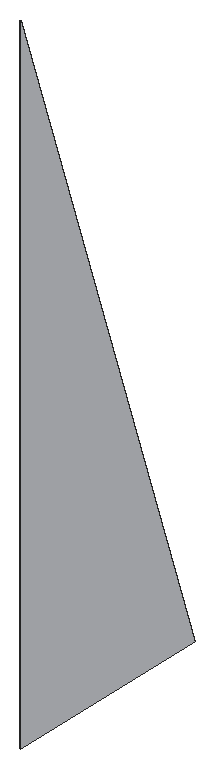
Revit family "sm_triangle", category Generic Models, host Face, Revit 2024
Family settings
  Host = Face
  Can host rebar = No
  Round Connector Dimension = Use Diameter
  Part Type = Normal
  Cut with Voids When Loaded = No
  Maintain Annotation Orientation = No
  Shared = No
  Room Calculation Point = No
Parameters
  width [instance] = 1' - 0"
  thickness [instance] = 0' - 0 1/16"
  material = none
  length [instance] = 3' - 0"
  Default Elevation = 4' - 0"
Reference planes (in)
  plane 1 "Center (Front/Back)": y = 0
  plane 2: z = 0
  plane 3 "Center (Left/Right)": x = 0
  plane 4: y = 6
  plane 5: z = 36
  plane 6: y = -6
  plane 7: x = -0.03125
  plane 8: x = 0.03125
Forms (in)
  Extrusion 1, solid
    sketch origin (-0.03125, 4.47618, 48) x (0, 1, 0) y (0, 0, 1)
      loop
        line (1.52382, -48) -> (-10.47618, -12) -> (-10.47618, -48) -> (1.52382, -48)
    from 0 to 0.0625 <- "thickness"
Dimensions and locks (in)
  equal spacing: plane 4, plane 1 "Center (Front/Back)", plane 6  (x2)
  "length": plane 5 to host face
  "thickness": plane 7 to plane 8
  equal spacing: plane 7, plane 3 "Center (Left/Right)", plane 8
  plane 6 to plane 4 = 1' - 0"
  "width": plane 4 to plane 6
  aligned and locked: plane 2 to host face
  aligned and locked: level to host face
  aligned and locked: Extrusion 1 sketch curve to plane 6
  aligned and locked: host face to Extrusion 1 sketch curve
  aligned and locked: plane 5 to Extrusion 1 sketch curve
Automatic sketch dimensions
  host sketch curve to host sketch curve = 8' - 0"  (x2)
  Extrusion 1 sketch curve to plane 4 = 0' - 0"
